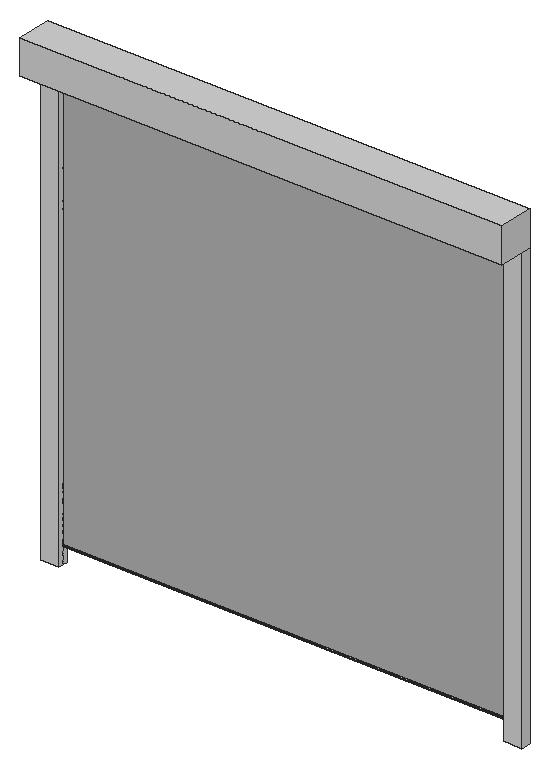
Revit family "Fire-Smoke-Curtain_Custom_DoorSystems_DSI-SD", category Generic Models, Revit 2018
Family settings
  Can host rebar = No
  Round Connector Dimension = Use Diameter
  Part Type = Normal
  OmniClass Number = 23.30.10.21
  OmniClass Title = Special Function Doors
  Work Plane-Based = Yes
  Always vertical = No
  Cut with Voids When Loaded = No
  Shared = No
  Room Calculation Point = No
Parameters (values of type "Single Roller")
  Warranty Duration (Years) = 0
  Unit Width [instance] = Opening Width + (0' 4" * 2)  # 8' - 8"
  Unit Height [instance] = Opening Height + Header Height  # 8' - 7 1/2"
  Unit Depth [instance] = if(1 = 1, Header Depth, 0' 0")  # 0' - 7 1/2"
  URL = "http://www.doorsysinc.com/"
  Standards Conformance = "IBC 715.4 C  ;  NFPA 101 and 105  ;  UL 1784 S Label  ;  UL 864  ;  UL 555"
  Specification = "http://www.arcat.com/sdspecs/htm04/08_34_00dsi.htm"
  SpecWizard = ""
  SingleRollerHeaderCalc [instance] = if(Opening Height < 9' 10", 0' 7 1/2", if(Opening Height < 26' 3", 0' 8 1/4", if(Opening Height < 39' 4", 0' 10", 0' 11 7/8")))  # 0' - 7 1/2"
  Sales Information = "http://www.doorsysinc.com/DSI-fire-smoke-curtains/contact-us.html"
  Revision = "R1_2016-07"
  Product Properties = "http://www.doorsysinc.com/DSI-fire-smoke-curtains/elevator-smoke-containment-system.html"
  Product Data = "http://www.arcat.com/arcatcos/cos50/arc50183.html"
  Opening Width [instance] = 8' - 0"
  Opening Height [instance] = 8' - 0"
  Multiple Roller Side by Side = no
  Multiple Roller Over Under = no
  MultiRollerSBSHeaderCalcH [instance] = if(Opening Height < 9' 10", 0' 8 1/4", if(Opening Height < 26' 3", 0' 10", if(Opening Height < 39' 4", 0' 10 1/2", 0' 11 7/8")))  # 0' - 8 1/4"
  MultiRollerSBSHeaderCalcD [instance] = if(Opening Height < 9' 10", 1' 0 1/4", if(Opening Height < 26' 3", 0' 11 3/8", if(Opening Height < 39' 4", 0' 11 3/8", 1' 9 1/4")))  # 1' - 0 1/4"
  MultiRollerSBSControl [instance] = if(Multiple Roller Side by Side, (MultiRollerSBSHeaderCalcD / 2) - 0' 1", 0' 0")  # 0' - 0"
  MultiRollerOUHeaderCalcH [instance] = if(Opening Height < 9' 10", 0' 11 3/8", if(Opening Height < 26' 3", 0' 11 3/8", if(Opening Height < 39' 4", 0' 11 3/8", 1' 9 1/4")))  # 0' - 11 3/8"
  MultiRollerOUHeaderCalcD [instance] = if(Opening Height < 9' 10", 0' 7 1/2", if(Opening Height < 26' 3", 0' 8 1/4", if(Opening Height < 39' 4", 0' 10", 0' 11 7/8")))  # 0' - 7 1/2"
  Mounting Method [instance] = "as Specified"
  Model = "as Specified"
  Maximum Size = "14 ft Wide. Heights Above 10 ft Require Larger Head Clearances"
  Manufacturer Website = "http://www.doorsysinc.com/"
  Manufacturer Phone - Toll Free = "866-534-3667"
  Manufacturer Phone = "714-258-7100"
  Manufacturer Fax = ""
  Manufacturer Address = "2413 S. Broadway St.  Santa Ana, CA 92707"
  Manufacturer = "Door Systems, Inc"
  Maintenance Schedule (Months) = 0
  Keynote = "08 34 85"
  Installation-Fabrication = ""
  Installation Phase = ""
  Header Height [instance] = if(Opening Width < 16' 0", SingleRollerHeaderCalc, if(and(not(Opening Height < 16' 0"), Multiple Roller Side by Side), MultiRollerSBSHeaderCalcH, MultiRollerOUHeaderCalcH))  # 0' - 7 1/2"
  Header Depth [instance] = if(Opening Width < 14' 0", SingleRollerHeaderCalc, if(and(not(Opening Width < 14' 0"), Multiple Roller Side by Side), MultiRollerSBSHeaderCalcD / 2, MultiRollerOUHeaderCalcD))  # 0' - 7 1/2"
  Green Building-LEED = ""
  Frame Finish [instance] = Metal - Steel - Painted
  Fire Performance = "Fire Rating as Specified  ;  UL10B and UL 263 Time Curve"
  Expected Lifespan (Years) = 0
  Electrical_Voltage = 24 V
  Drawn By = "Sumex Design, Inc. / Robert S. Weygant, CSI, CDT, SCIP"
  Description = "Door Systems Inc Fire Rated Smoke Curtain - as Specified"
  Default Elevation = 0' - 0"  # constant formula
  Curtain Height [instance] = if(Curtain Closed, Opening Height, 0' 0 1/16")  # 8' - 0"
  Curtain Finish [instance] = Fabric - DoorSystemsInc - Grey Smoke Curtain
  Curtain Closed [instance] = yes
  Copyright = "©Arcat Inc."
  Construction Details = "http://www.arcat.com/details/doorsys/doorsys.html?coid=50183"
  Available Options [instance] = "as Specified"
  Assembly Code = "D4090"
Types (3): name | Unit Width | Opening Width | Multiple Roller Side by Side | Multiple Roller Over Under | MultiRollerSBSControl
  Multiple Roller Over Under | 3' - 8" | 3' - 0" | no | yes | 0' - 0"
  Multiple Roller Side by Side | 3' - 8" | 3' - 0" | yes | no | 0' - 5 1/8"
  Single Roller | 8' - 8" | 8' - 0" | no | no | 0' - 0"
Reference planes (in)
  plane 1 "Center (Front/Back)": y = 0
  plane 2 "Bottom": z = 3.875
  plane 3 "Center (Left/Right)": x = 0
  plane 4 "Front": y = -7.5
  plane 5 "Left": x = -52
  plane 6 "Right": x = 52
  plane 7 "Top": z = 103.5
  plane 8: x = -48
  plane 9: x = 48
  plane 10: z = 99.875
  plane 11 "Curtain": z = 3.875
  plane 12: x = -49.25
  plane 13: x = 49.25
Forms (in)
  Extrusion 1, solid, material "Metal - Steel - Painted" <- "Frame Finish"
    sketch origin (0, 0, 0) x (0, 1, 0) y (0, 0, 1)
      loop
        line (0, 103.5) -> (-7.5, 103.5) -> (-7.5, 96) -> (0, 96) -> (0, 103.5)
    from -52 to 52
  Extrusion 2, solid, material "Metal - Steel - Painted" <- "Frame Finish"
    sketch origin (0, 0, 0) x (1, 0, 0) y (0, 1, 0)
      loop
        line (-52, 0) -> (-52, -2) -> (-48, -2) -> (-48, -1.125) -> (-49.25, -1.125) -> (-49.25, -0.875) -> (-48, -0.875) -> (-48, 0) -> (-52, 0)
      loop
        line (52, 0) -> (48, 0) -> (48, -0.875) -> (49.25, -0.875) -> (49.25, -1.125) -> (48, -1.125) -> (48, -2) -> (52, -2) -> (52, 0)
    from 0 to 99.875
  Extrusion 3, solid, material "Metal - Steel - Painted" <- "Frame Finish"
    sketch origin (0, 0, 0) x (0, 1, 0) y (0, 0, 1)
      loop
        line (-0.625, 3.875) -> (-0.625, 4.06188) -> (-1.375, 4.06188) -> (-1.375, 3.875) -> (-0.625, 3.875)
    from -48 to 48
  Extrusion 4, solid, material "Fabric - DoorSystemsInc - Grey Smoke Curtain" <- "Curtain Finish"
    sketch origin (0, 0, 0) x (0, 1, 0) y (0, 0, 1)
      loop
        line (-0.90444, 4.06188) -> (-0.90444, 102.31188) -> (-1.06021, 102.31188) -> (-1.06021, 4.06188) -> (-0.90444, 4.06188)
    from -49.25 to 49.25
Dimensions and locks (in)
  equal spacing: plane 5 "Left", plane 3 "Center (Left/Right)", plane 6 "Right"
  "Unit Width": plane 5 "Left" to plane 6 "Right"
  "Unit Depth": plane 1 "Center (Front/Back)" to plane 4 "Front"
  "Unit Height": plane 7 "Top" to level
  "Header Height": plane 7 "Top" to Extrusion 1 sketch curve
  "Header Depth": Extrusion 1 sketch curve to plane 1 "Center (Front/Back)"
  equal spacing: plane 8, plane 3 "Center (Left/Right)", plane 9
  "Opening Width": plane 8 to plane 9
  "Opening Height": plane 10 to plane 2 "Bottom"
  "Curtain Height": plane 10 to plane 11 "Curtain"
  locked: Extrusion 3 sketch curve to plane 11 "Curtain" at 0.18688
  locked: Extrusion 4 sketch curve to plane 11 "Curtain" at 0.18688
  locked: plane 10 to Extrusion 4 sketch curve at 2.43688
  locked: plane 12 to plane 8 at 1.25
  locked: plane 9 to plane 13 at 1.25
  "MultiRollerSBSControl": plane 1 "Center (Front/Back)" to Extrusion 1 sketch curve
  Extrusion 1 to Extrusion 1 = 0' - 7 1/2"
  aligned and locked: plane 7 "Top" to Extrusion 1 sketch curve
  aligned and locked: Extrusion 1 to plane 5 "Left"
  aligned and locked: plane 6 "Right" to Extrusion 1
  aligned and locked: Extrusion 2 to plane 10
  aligned and locked: plane 8 to Extrusion 3
  aligned and locked: Extrusion 3 to plane 9
  aligned and locked: plane 11 "Curtain" to Extrusion 3 sketch curve
  aligned and locked: plane 12 to Extrusion 4
  aligned and locked: Extrusion 4 to plane 13
Automatic sketch dimensions
  Extrusion 2 sketch curve to plane 5 "Left" = 0' - 0"
  plane 1 "Center (Front/Back)" to Extrusion 2 sketch curve = 0' - 0"  (x2)
  Extrusion 2 sketch curve to plane 6 "Right" = 0' - 0"
  plane 1 "Center (Front/Back)" to Extrusion 2 sketch curve = 0' - 0 7/8"
  plane 5 "Left" to Extrusion 2 sketch curve = 0' - 2 3/4"
  Extrusion 2 sketch curve to Extrusion 2 sketch curve = 0' - 1 1/4"  (x2)
  Extrusion 2 sketch curve to Extrusion 2 sketch curve = 0' - 0"  (x2)
  plane 1 "Center (Front/Back)" to Extrusion 2 sketch curve = 0' - 1 1/8"
  Extrusion 2 sketch curve to plane 6 "Right" = 0' - 4"
  Extrusion 2 sketch curve to Extrusion 2 sketch curve = 0' - 0 7/8"
  Extrusion 2 sketch curve to Extrusion 2 sketch curve = 0' - 1 1/8"
  Extrusion 2 sketch curve to Extrusion 2 sketch curve = 0' - 0 1/4"  (x2)
  plane 1 "Center (Front/Back)" to Extrusion 3 sketch curve = 0' - 1 3/8"
  plane 1 "Center (Front/Back)" to Extrusion 3 sketch curve = 0' - 0 5/8"
  plane 1 "Center (Front/Back)" to Extrusion 4 sketch curve = 0' - 1.06021"
  Extrusion 4 sketch curve to Extrusion 4 sketch curve = 0' - 0.15577"
